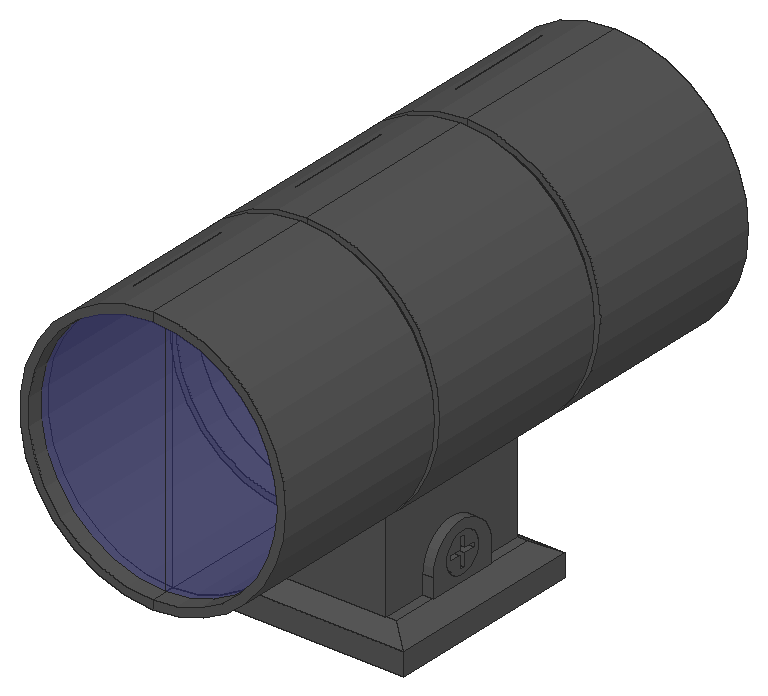
Revit family "CARLO CYLINDER LIGHT WALL MOUNT", category Lighting Fixtures, host Face, Revit 2020 (continued)
Types (10): name | Wattage_Input | Wattage Comments | Wattage | Photometric Web File | built-in parameter 1150142 | Model | built-in parameter 1150105 | Lumens | Light Length 1 | LIGHT RADIUS | LIGHT PLACEMENT | LIGHT LENGTH | LIGHT DIA | built-in parameter 1150106 | FIXED END HEIGHT | Curve base Height | Base Curve | BEAMING ANGLE | Apparent Load
    403 16.032 16.707 17.469 18.339 19.315 \r\n 20.513 22.049 23.935 25.885 28.914 33.018 40.967 57.307 76.716 94.964 \r\n 113.32 131.51 149.9 168.93 188.12 207.92 226.04 240.02 250.68 257.35 \r\n 261.94 266.15 269.85 273.45 277.05 280.98 284.87 288.32 291.65 295.19 \r\n 298.56 301.44 304.04 306.53 308.82 310.9 312.77 314.31 315.91 318.06 \r\n 320.33 322.41 324.44 326.32 328.37 330.96 333.91 337.11 340.61 344.32 \r\n 348.55 353.45 359.4 366.72 375.66 386.28 399.43 415.52 435.93 461.93 \r\n 494.26 533.85 581.37 634.86 703.15 800.61 908.67 1012.1 1115.3 1208.8 \r\n 1318.9 1477.4 1659 1849.4 2046.7 2243.2 2441.1 2643.6 2838.9 3015.6 \r\n 3175.8 3319.6 3441.3 3533.3 3601 3645.4 3672.5 3685.7 3693.7 3707.6 \r\n 3733.6 \r\n3725 3719.5 3701.5 3686.6 3657.7 3597.8 3511.5 3397.9 3256.4 3078.8 \r\n 2886.6 2700.6 2514.2 2328.9 2140.9 1942.9 1747.2 1562.2 1392.4 1247.8 \r\n 1121.1 1009.4 909.47 815.63 732.24 662.94 604.24 553.95 511.79 477.07 \r\n 448.77 425.91 407.69 393.24 381.8 372.43 364.85 358.63 353.31 348.21 \r\n 343.58 339.51 335.81 332.36 329.11 325.93 322.97 320.55 318.19 315.44 \r\n 312.59 309.67 306.96 304.97 303.08 300.77 298.27 295.65 292.78 289.33 \r\n 285.97 283.45 281.16 278.74 276.26 273.73 270.89 268.21 263.48 253.5 \r\n 241.64 230.58 219.29 208.42 195.7 178.24 158.59 137.88 117.43 99.232 \r\n 82.387 66.077 52.015 42.03 34.956 30.655 27.87 25.157 22.941 21.222 \r\n 19.836 18.617 17.572 16.668 15.859 15.087 14.36 13.673 13.005 12.322 \r\n 11.655 11.028 10.422 9.824 9.2373 8.6601 8.0954 7.5418 7.0104 6.5158 \r\n 6.045 5.5909 5.1495 4.7033 4.2845 3.9251 3.6089 3.3348 3.0893 2.8565 \r\n 2.6424 2.4482 2.2729 2.1178 1.978 1.8476 1.7311 1.6338 1.5472 1.4626 \r\n 1.3857 1.3216 1.263 1.2034 1.145 1.0863 1.0308 0.98359 0.93887 0.89165 \r\n 0.84501 0.79978 0.75765 0.72217 0.68863 0.65176 0.61687 0.58923 0.56365 0.53651 \r\n 0.50843 0.47839 0.44864 0.42185 0.39571 0.36782 0.34108 0.31886 0.29741 0.27388 \r\n 0.24893 0.22092 0.19401 0.17392 0.15428 0.12846 0.10295 0.083807 0.065691 0.043149 \r\n 0.022597 0.0093098 0.0012529 0 0 0 0 0 0 0 \r\n 0 0 0 0 0 0.0085838 0.021822 0.039341 0.059055 0.078561 \r\n 0.098439 0.11811 0.13865 0.16139 0.18506 0.2083 0.23276 0.2608 0.28892 0.31308 \r\n 0.33726 0.36468 0.39359 0.42364 0.45378 0.48255 0.51081 0.53803 0.56709 0.60377 \r\n 0.64235 0.6778 0.71377 0.75201 0.79327 0.84044 0.88881 0.93238 0.97796 1.0325 \r\n 1.0895 1.1439 1.1979 1.2506 1.3062 1.37 1.4374 1.5029 1.5749 1.6626 \r\n 1.7586 1.8571 1.9634 2.0804 2.2098 2.3545 2.514 2.6856 2.88 3.1104 \r\n 3.3662 3.6356 3.9352 4.2804 4.6628 5.0825 5.5291 5.9903 6.4717 6.9763 \r\n 7.499 8.0377 8.5857 9.1341 9.6875 10.246 10.814 11.399 11.996 12.605 \r\n 13.214 13.805 14.405 15.039 15.695 16.348 17.063 17.885 18.84 19.929 \r\n 21.263 22.945 24.993 26.99 30.335 35.621 44.849 61.902 81.737 100.13 \r\n 118.51 136.94 155.33 173.56 191.75 210.69 228.21 242.39 253.3 259.52 \r\n 263.65 268 271.99 275.75 279.45 283.46 287.36 290.69 293.88 297.35 \r\n 300.63 303.27 305.65 308.08 310.35 312.31 314.07 315.58 317.14 319.11 \r\n 321.21 323.24 325.27 327.18 329.3 331.99 335.02 338.25 341.77 345.53 \r\n 349.87 354.99 361.25 368.99 378.52 389.95 404.15 421.58 443.66 471.76 \r\n 506.52 548.9 599.3 655.51 726.34 825.86 936.1 1041.7 1148.9 1251.4 \r\n 1371.3 1536.4 1722.6 1915.5 2113.4 2308.8 2504.5 2705.2 2897.8 3069.9 \r\n 3224 3359.8 3472.9 3556.6 3616.5 3653.9 3675.8 3687.5 3695.3 3708.2 \r\n 3733.6 \r\n3725 3719.2 3700.8 3684 3652.2 3588.9 3499 3381.4 3237.3 3061.5 \r\n 2871.4 2684.3 2495.4 2306.5 2115.2 1915.4 1719.3 1535.5 1369.7 1235.1 \r\n 1117.9 1008.5 907.65 810.34 723.55 654.64 597.43 548.12 506.89 473.03 \r\n 445.49 423.21 405.44 391.31 380.1 370.91 363.47 357.36 352.16 347.22 \r\n 342.73 338.71 335.04 331.61 328.34 324.99 321.87 319.41 317.05 314.27 \r\n 311.47 308.86 306.45 304.48 302.58 300.45 298.18 295.75 293.11 290.11 \r\n 287.07 284.28 281.63 279.13 276.61 273.92 270.97 268.29 263.84 254.89 \r\n 244.07 233.39 221.88 209.73 195.49 176.85 156.63 136.87 117.53 99.306 \r\n 81.975 64.799 50.022 40.277 33.667 29.495 26.792 24.241 22.181 20.555 \r\n 19.24 18.095 17.115 16.255 15.484 14.756 14.065 13.395 12.739 12.086 \r\n 11.445 10.819 10.21 9.6198 9.0442 8.4776 7.9223 7.374 6.847 6.3592 \r\n 5.8954 5.4472 5.012 4.5734 4.1639 3.818 3.514 3.2438 3.0015 2.7777 \r\n 2.5745 2.392 2.2274 2.0787 1.944 1.8192 1.7079 1.6148 1.5317 1.4501 \r\n 1.3755 1.3127 1.2553 1.1981 1.142 1.0854 1.0315 0.98423 0.93963 0.89466 \r\n 0.85042 0.80633 0.76444 0.72774 0.6928 0.65589 0.62095 0.59188 0.56505 0.53847 \r\n 0.51114 0.48163 0.45199 0.42411 0.39718 0.37062 0.34553 0.3238 0.30236 0.27827 \r\n 0.25302 0.22618 0.2006 0.18082 0.16138 0.13659 0.11172 0.091252 0.071812 0.050186 \r\n 0.030413 0.015617 0.0053294 0.001097 0 0 0 0 0 0 \r\n 0 0 0 0 0 0.0055453 0.016015 0.034366 0.055414 0.074132 \r\n 0.093011 0.1125 0.1337 0.15896 0.18499 0.20813 0.23188 0.25988 0.28813 0.31261 \r\n 0.33713 0.36469 0.39368 0.42368 0.45399 0.48377 0.51305 0.54048 0.5693 0.60488 \r\n 0.64211 0.67657 0.71156 0.74854 0.78857 0.83463 0.88253 0.92741 0.97423 1.0278 \r\n 1.0836 1.1376 1.1926 1.2497 1.3094 1.372 1.4385 1.5089 1.5868 1.6774 \r\n 1.7761 1.8784 1.9892 2.1119 2.2467 2.3939 2.5568 2.7364 2.9395 3.1752 \r\n 3.4369 3.716 4.0282 4.3914 4.7906 5.218 5.6699 6.1386 6.6278 7.1411 \r\n 7.6718 8.2158 8.769 9.3247 9.8875 10.459 11.041 11.637 12.245 12.87 \r\n 13.496 14.102 14.719 15.372 16.057 16.759 17.541 18.454 19.527 20.775 \r\n 22.293 24.171 26.434 28.514 32.269 39.089 49.815 67.125 86.906 105.54 \r\n 124.23 143.15 161.69 178.99 195.96 213.84 230.75 245.58 257.28 263.24 \r\n 266.92 271.2 275.19 278.93 282.54 286.3 289.89 292.96 295.88 299.01 \r\n 301.96 304.34 306.52 308.84 311.05 312.96 314.71 316.31 317.93 319.81 \r\n 321.82 323.89 326.02 328.12 330.44 333.27 336.41 339.67 343.23 347.06 \r\n 351.53 356.9 363.53 371.7 381.84 394.18 409.61 428.62 452.67 483.21 \r\n 520.77 566.35 619.94 679.25 752.16 850.59 960.14 1068.1 1181.4 1297.3 \r\n 1431 1603.6 1794 1988.8 2186.5 2379.4 2571.9 2770.7 2960.6 3127.5 \r\n 3274.7 3401.7 3505.4 3580.7 3632.9 3662.9 3679.4 3690.1 3698.3 3710.2 \r\n 3733.6 \r\n3725 3718.7 3700.2 3681.4 3646.7 3580.5 3487.5 3366.4 3220.2 3047.2 \r\n 2860.2 2672.2 2480.6 2287.7 2092.4 1890.6 1694.2 1511.5 1349.4 1224.4 \r\n 1116.5 1009.7 908 806.81 716.11 647.41 591.59 543.11 502.68 469.56 \r\n 442.65 420.86 403.45 389.56 378.52 369.47 362.14 356.13 351.02 346.25 \r\n 341.91 337.96 334.31 330.9 327.58 324.08 320.81 318.27 315.87 313.04 \r\n 310.26 307.93 305.81 303.81 301.86 299.89 297.84 295.63 293.27 290.75 \r\n 288.05 285.06 282.08 279.51 276.98 274.21 271.26 268.65 264.66 257.27 \r\n 247.96 237.79 226 212.39 196.43 176.57 155.75 136.9 118.58 100.21 \r\n 82.238 63.959 48.227 38.533 32.259 28.202 25.606 23.226 21.332 19.81 \r\n 18.577 17.52 16.615 15.809 15.082 14.402 13.753 13.102 12.464 11.844 \r\n 11.231 10.61 9.9997 9.4191 8.855 8.3005 7.756 7.214 6.6919 6.2098 \r\n 5.7516 5.3088 4.8799 4.4496 4.0502 3.7175 3.425 3.1575 2.9171 2.7019 \r\n 2.5095 2.3387 2.185 2.0432 1.9138 1.795 1.6891 1.6001 1.5204 1.4418 \r\n 1.3695 1.3078 1.2514 1.1963 1.1427 1.0882 1.0358 0.98836 0.94375 0.90098 \r\n 0.85917 0.8164 0.77484 0.73664 0.69997 0.66288 0.62779 0.59712 0.56885 0.54264 \r\n 0.51594 0.48703 0.45763 0.4286 0.40079 0.37559 0.35212 0.33066 0.30899 0.28423 \r\n 0.25866 0.23317 0.20907 0.18936 0.1699 0.1463 0.12224 0.10032 0.079415 0.058776 \r\n 0.039836 0.02341 0.010606 0.0034759 0 0 0 0 0 0 \r\n 0 0 0 0 0 0.0025564 0.010275 0.029346 0.051576 0.06934 \r\n 0.087127 0.10659 0.12862 0.15643 0.1848 0.20777 0.23074 0.25861 0.28696 0.31189 \r\n 0.33686 0.3645 0.39344 0.42331 0.45374 0.48454 0.51482 0.5425 0.57105 0.60525 \r\n 0.64082 0.6742 0.7081 0.74349 0.78196 0.82666 0.87394 0.92032 0.9685 1.0207 \r\n 1.0749 1.1286 1.1847 1.2464 1.3103 1.3717 1.4373 1.513 1.5971 1.6901 \r\n 1.7909 1.8969 2.0123 2.1406 2.2807 2.4303 2.5963 2.7844 2.9965 3.2369 \r\n 3.5041 3.7934 4.1188 4.4995 4.9146 5.3483 5.8039 6.2792 6.7758 7.2966 \r\n 7.8345 8.3843 8.9437 9.5067 10.079 10.666 11.264 11.872 12.493 13.133 \r\n 13.777 14.403 15.042 15.717 16.437 17.195 18.057 19.071 20.278 21.708 \r\n 23.434 25.512 28.016 30.29 34.586 43.073 55.341 72.677 92.171 111.09 \r\n 130.19 149.7 168.48 184.92 200.69 217.44 233.65 249.1 261.57 267.35 \r\n 270.63 274.73 278.58 282.2 285.65 289.01 292.17 294.93 297.54 300.24 \r\n 302.78 304.91 306.91 309.1 311.22 313.13 314.92 316.64 318.38 320.23 \r\n 322.21 324.37 326.66 329 331.55 334.54 337.78 341.09 344.71 348.63 \r\n 353.28 358.94 365.96 374.59 385.4 398.73 415.5 436.23 462.4 495.49 \r\n 535.94 584.78 641.67 704.51 779.59 875.6 983.25 1094 1214.3 1345.2 \r\n 1493.9 1673.8 1867.9 2064.3 2261.4 2451.6 2640.6 2837 3023.7 3184.9 \r\n 3324.7 3442.7 3536.9 3603.8 3648.5 3671.5 3682.9 3693.2 3701.9 3712.8 \r\n 3733.6 \r\n3725 3718.4 3699.8 3679.3 3642.1 3573.5 3478.2 3354.4 3207 3037.1 \r\n 2853.3 2664.8 2471 2274.1 2074.9 1871.4 1674.7 1492.6 1333.5 1216.6 \r\n 1116.5 1012.1 909.9 805.06 710.63 641.96 587.24 539.35 499.52 466.94 \r\n 440.51 419.06 401.9 388.16 377.2 368.24 360.98 355.03 350.01 345.39 \r\n 341.21 337.32 333.69 330.27 326.9 323.27 319.85 317.21 314.74 311.82 \r\n 309.04 306.95 305.06 302.99 300.96 299.1 297.24 295.25 293.18 291.13 \r\n 288.8 285.67 282.45 279.86 277.36 274.61 271.77 269.3 265.9 260.37 \r\n 252.84 243.16 231.03 215.95 198.32 177.41 156.12 137.97 120.42 101.79 \r\n 83.096 63.627 46.827 36.978 30.858 26.885 24.414 22.194 20.46 19.045 \r\n 17.901 16.934 16.108 15.36 14.681 14.05 13.443 12.816 12.198 11.612 \r\n 11.029 10.415 9.807 9.236 8.6834 8.1415 7.6086 7.0739 6.5571 6.0792 \r\n 5.6251 5.1867 4.7633 4.3412 3.9512 3.6298 3.3466 3.0803 2.8408 2.633 \r\n 2.4503 2.29 2.146 2.0108 1.8868 1.7737 1.6727 1.5874 1.5107 1.4351 \r\n 1.3651 1.3041 1.2483 1.1953 1.144 1.0915 1.0405 0.99298 0.94832 0.90761 \r\n 0.86813 0.82679 0.78574 0.74617 0.70785 0.67063 0.63542 0.60324 0.57357 0.5475 \r\n 0.52123 0.493 0.46395 0.43391 0.40526 0.38127 0.35918 0.33778 0.31573 0.29029 \r\n 0.26445 0.24035 0.21771 0.19789 0.17821 0.15577 0.13257 0.10925 0.08692 0.067237 \r\n 0.049122 0.031203 0.016008 0.0059343 0 0 0 0 0 0 \r\n 0 0 0 0 0 0.0002485 0.0058442 0.025498 0.048622 0.065434 \r\n 0.082222 0.10183 0.12481 0.15492 0.18535 0.20814 0.23038 0.25807 0.28649 0.31196 \r\n 0.33747 0.3651 0.39388 0.42358 0.45409 0.48576 0.51692 0.54483 0.57313 0.6059 \r\n 0.6398 0.6722 0.7051 0.73891 0.77578 0.81904 0.86565 0.91354 0.96309 1.0138 \r\n 1.0662 1.1198 1.1771 1.243 1.3107 1.3711 1.4361 1.5169 1.6067 1.7017 \r\n 1.8041 1.9136 2.0333 2.1668 2.3118 2.4638 2.6333 2.8299 3.0511 3.2961 \r\n 3.5687 3.8688 4.2074 4.6044 5.0337 5.4724 5.931 6.4125 6.9158 7.4428 \r\n 7.987 8.5433 9.1096 9.6792 10.26 10.861 11.475 12.097 12.731 13.385 \r\n 14.046 14.692 15.356 16.056 16.813 17.632 18.578 19.699 21.046 22.676 \r\n 24.625 26.885 29.648 32.257 37.237 47.442 61.233 78.445 97.508 116.73 \r\n 136.31 156.42 175.48 191.21 205.92 221.52 236.93 252.76 265.79 271.42 \r\n 274.38 278.22 281.83 285.28 288.5 291.41 294.08 296.53 298.82 301.05 \r\n 303.16 305.06 306.93 308.96 310.99 312.9 314.77 316.64 318.53 320.4 \r\n 322.4 324.68 327.15 329.75 332.56 335.69 339.03 342.4 346.09 350.16 \r\n 355.02 361 368.46 377.59 389.12 403.52 421.71 444.27 472.64 508.29 \r\n 551.62 603.66 663.87 730.69 808.24 901.2 1006.4 1120.4 1248.4 1394.6 \r\n 1558.5 1745.2 1942.3 2140.1 2336.4 2524.1 2709.6 2903 3085.8 3240.8 \r\n 3373 3481.7 3566.6 3625.2 3662.6 3679.3 3686.4 3696.4 3705.9 3715.8 \r\n 3733.6 \r\n3725 3718.4 3699.7 3677.9 3639 3568.9 3472.2 3347.1 3199.4 3032.3 \r\n 2851.4 2662.8 2467.4 2267.5 2065.3 1860.4 1663.3 1481.5 1324.1 1212.4 \r\n 1117.6 1015.1 912.74 805.16 707.82 638.99 584.89 537.3 497.76 465.5 \r\n 439.32 418.04 400.97 387.24 376.29 367.34 360.12 354.2 349.22 344.73 \r\n 340.68 336.85 333.22 329.77 326.34 322.61 319.07 316.31 313.73 310.7 \r\n 307.88 305.95 304.21 302.05 299.91 298.11 296.39 294.6 292.79 291.16 \r\n 289.17 286.02 282.71 280.15 277.75 275.13 272.51 270.27 267.52 263.93 \r\n 258.22 248.9 236.32 219.96 200.95 179.4 157.88 140.1 122.9 103.9 \r\n 84.472 63.871 46.019 35.792 29.587 25.654 23.315 21.229 19.632 18.318 \r\n 17.261 16.38 15.63 14.939 14.308 13.725 13.156 12.555 11.959 11.405 \r\n 10.851 10.248 9.6459 9.0846 8.5426 8.0133 7.4921 6.9653 6.4541 5.9791 \r\n 5.5271 5.0918 4.6727 4.2573 3.8747 3.5607 3.2833 3.0171 2.7775 2.575 \r\n 2.3995 2.2472 2.1109 1.9812 1.862 1.7538 1.6571 1.5746 1.5002 1.4274 \r\n 1.3598 1.299 1.2433 1.1921 1.1429 1.0923 1.0427 0.9951 0.95046 0.91155 \r\n 0.87416 0.83433 0.79405 0.7536 0.71413 0.67703 0.6419 0.60854 0.57768 0.55151 \r\n 0.52544 0.49791 0.46939 0.43862 0.40933 0.3862 0.36506 0.34351 0.32098 0.29499 \r\n 0.26898 0.24615 0.22481 0.20474 0.1847 0.16323 0.14078 0.11628 0.092743 0.073887 \r\n 0.056528 0.037496 0.020463 0.0081094 0.0002348 0 0 0 0 0 \r\n 0 0 0 0 0 0 0.0039652 0.024042 0.047634 0.063663 \r\n 0.079725 0.099703 0.12365 0.15556 0.18752 0.21018 0.23184 0.25934 0.2878 0.31387 \r\n 0.33994 0.36748 0.396 0.42553 0.45607 0.48834 0.52014 0.54823 0.57632 0.60786 \r\n 0.64036 0.67232 0.7043 0.73684 0.77237 0.81433 0.86028 0.90953 0.96032 1.0097 \r\n 1.0605 1.114 1.1726 1.2418 1.3125 1.3722 1.4369 1.522 1.6166 1.7132 \r\n 1.8168 1.9294 2.0528 2.1907 2.34 2.4948 2.6681 2.8733 3.1036 3.3532 \r\n 3.6314 3.943 4.295 4.7056 5.1463 5.5898 6.0514 6.5388 7.0481 7.5799 \r\n 8.1292 8.6929 9.2666 9.841 10.428 11.042 11.671 12.305 12.952 13.617 \r\n 14.29 14.956 15.644 16.37 17.165 18.044 19.072 20.298 21.788 23.624 \r\n 25.8 28.212 31.238 34.35 40.173 52.066 67.294 84.318 102.9 122.41 \r\n 142.48 163.15 182.52 197.76 211.62 226.11 240.58 256.37 269.55 275.03 \r\n 277.74 281.29 284.61 287.87 290.85 293.32 295.52 297.68 299.69 301.48 \r\n 303.19 304.9 306.65 308.53 310.47 312.39 314.34 316.38 318.43 320.36 \r\n 322.42 324.83 327.48 330.33 333.38 336.63 340.05 343.5 347.28 351.53 \r\n 356.65 362.99 370.91 380.61 392.93 408.47 428.13 452.59 483.18 521.33 \r\n 567.41 622.46 685.95 757.22 837.74 927.7 1030.4 1148.2 1284.3 1445 \r\n 1623.1 1815.7 2015.2 2214 2409.8 2595.5 2777.8 2967.6 3145.5 3293.9 \r\n 3418.2 3517.9 3593.7 3644.1 3674.5 3685.9 3689.7 3699.7 3709.9 3718.8 \r\n 3733.6 \r\n3725 3719.4 3701.2 3680.2 3642.4 3573.6 3478.6 3356.5 3210.8 3041.7 \r\n 2858.5 2670.7 2477.7 2281.7 2082.9 1878.5 1680.2 1496.2 1335.2 1217.3 \r\n 1116.9 1013.3 912.02 807.5 713.01 643.78 588.41 540.23 500.24 467.62 \r\n 441.13 419.48 402.06 388.05 376.88 367.82 360.54 354.54 349.53 345.04 \r\n 340.98 337.13 333.44 329.83 326.25 322.51 318.95 315.99 313.16 309.87 \r\n 306.81 304.69 302.78 300.43 298.12 296.22 294.45 292.63 290.88 289.42 \r\n 287.72 285.02 282.19 280.02 278.02 275.9 273.82 272.06 269.92 267.55 \r\n 262.65 252.28 238.46 222 203.52 183.53 163.18 144.28 125.47 105.78 \r\n 85.896 64.942 46.695 35.666 28.784 24.876 22.753 20.699 19.121 17.876 \r\n 16.89 16.054 15.34 14.691 14.098 13.537 12.99 12.416 11.846 11.309 \r\n 10.771 10.189 9.6064 9.0532 8.5172 7.9991 7.4896 6.9728 6.4682 5.9928 \r\n 5.5379 5.1012 4.6801 4.2622 3.8755 3.5523 3.2664 2.9991 2.7596 2.5533 \r\n 2.3736 2.2175 2.0788 1.9501 1.8327 1.7253 1.629 1.5458 1.4713 1.4012 \r\n 1.3359 1.2738 1.2162 1.1654 1.1175 1.0685 1.0206 0.97406 0.93033 0.89234 \r\n 0.85606 0.81789 0.77954 0.74125 0.70392 0.66878 0.63514 0.60242 0.57155 0.5444 \r\n 0.51766 0.49094 0.46359 0.4336 0.40461 0.38069 0.35852 0.3364 0.31362 0.28784 \r\n 0.26223 0.23981 0.21869 0.19828 0.17776 0.15594 0.13325 0.10875 0.085302 0.066359 \r\n 0.04927 0.031464 0.016149 0.0060302 0.000046 0 0 0 0 0 \r\n 0 0 0.000057 0.0029169 0.0068273 0.0088362 0.015293 0.034933 0.057649 0.073983 \r\n 0.090731 0.11171 0.1364 0.16783 0.19912 0.22184 0.24373 0.27125 0.29986 0.32657 \r\n 0.35315 0.38028 0.40827 0.4379 0.46847 0.49998 0.53103 0.55914 0.5875 0.61958 \r\n 0.65289 0.68574 0.71922 0.75306 0.7896 0.83161 0.87746 0.92723 0.9785 1.0276 \r\n 1.0784 1.1331 1.1925 1.2605 1.3299 1.3899 1.4552 1.5401 1.6344 1.7314 \r\n 1.8356 1.9487 2.0728 2.2112 2.362 2.5202 2.6989 2.9127 3.1519 3.4064 \r\n 3.6905 4.0157 4.3806 4.7947 5.2374 5.6873 6.1565 6.6521 7.1682 7.7009 \r\n 8.2524 8.8299 9.4157 9.9857 10.566 11.182 11.816 12.46 13.115 13.775 \r\n 14.445 15.117 15.819 16.568 17.392 18.294 19.358 20.641 22.233 24.302 \r\n 26.674 28.913 31.974 35.972 42.986 56.175 72.413 89.454 107.82 127.45 \r\n 147.81 169.04 189.01 204.9 218.97 232.53 245.49 259.2 270.56 275.6 \r\n 278.33 281.72 284.91 288.07 2
